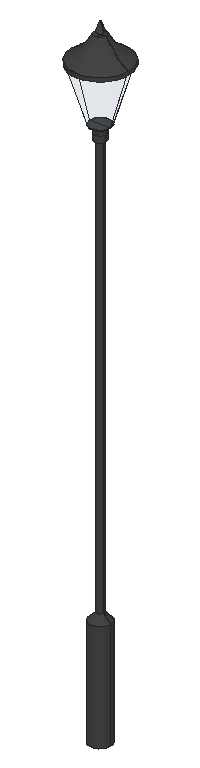
Revit family
Parameters
  Wattage = 250 W
  built-in parameter 1150110 = 1 (stored number, unit not read)
  built-in parameter 1114217 = 1 (stored number, unit not read)
  built-in parameter 1150109 = 1 (stored number, unit not read)
  built-in parameter 1150134 = 3
  built-in parameter 1150113 = 1 (stored number, unit not read)
  Material Post = Metal - Black
  built-in parameter 1150105 = 358.1 (stored number, unit not read)
  Lumens = 4500 lm
  built-in parameter 1150115 = 1 (stored number, unit not read)
  Light Source Height = 0.5 * Lamp height  # 150 mm
  Light Source Symbol Size = 609.6 mm
  built-in parameter 1150137 = (empty or 0)
  built-in parameter 1150139 = (empty or 0)
  Lamp height = 300 mm
  Material Lamp Glazing = Glass - Blue Frosted
  built-in parameter 1150112 = 1 (stored number, unit not read)
  built-in parameter 1150114 = 1 (stored number, unit not read)
  built-in parameter 1150132 = (empty or 0)
  built-in parameter 1150102 = (empty or 0)
  built-in parameter 1150107 = 3200 (stored number, unit not read)
  built-in parameter 1150138 = (empty or 0)
  built-in parameter 1150106 = 3.581 (stored number, unit not read)
  Fixture Height = 3100 mm
  built-in parameter 1150104 = 1.6723 (stored number, unit not read)
  Dimming Lamp Color Temperature Shift = (empty or 0)
  Color Filter = 16777215
  Base Height = 600 mm
  built-in parameter 1114218 = 1 (stored number, unit not read)
  built-in parameter 1150133 = 10 (stored number, unit not read)
Reference planes
  plane 1 "Light Source Axis (F/B)": y = 0
  plane 2: z = 0
  plane 3 "Light Source Axis (L/R)": x = 0
  plane 4 "Fixture Top": z = 3100
  plane 5: z = 600
  plane 6 "Light Source Elevation": z = 3250
Forms (mm)
  Revolve 1, solid, material "Metal - Black" <- "Material Post"
    sketch origin (0, 0, 0) x (1, 0, 0) y (0, 0, 1)
      loop
        line (0, 0) -> (0, 3052.439) -> (-56.42, 3052.439)
        arc (-56.42, 3052.439) -> (-37.836, 3037.521) -> (-32.574, 3014.277) r 36.153
        line (-32.574, 3014.277) -> (-32.574, 2979.277) -> (-17.574, 2979.277) -> (-17.574, 642.426) -> (-60, 600) -> (-60, 0) -> (0, 0)
      loop
        line (0, 3352.439) -> (0, 3566.623) -> (-19.658, 3512.614) -> (-7.574, 3512.614) -> (-7.574, 3500) -> (-32.574, 3500)
        arc (-32.574, 3500) -> (-85.682, 3425.626) -> (-160, 3372.439) r 278.583
        line (-160, 3372.439) -> (-160, 3352.439) -> (0, 3352.439)
      axis (0, 0) -> (0, 3566.623)
    angle from 0 to 360
  Revolve 2, solid, material "Glass - Blue Frosted" <- "Material Lamp Glazing"
    sketch origin (0, 0, 0) x (1, 0, 0) y (0, 0, 1)
      loop
        line (0, 3100) -> (0, 3352.439) -> (-150, 3352.439) -> (-56.42, 3052.439) -> (0, 3052.439) -> (0, 3100)
      axis (0, 3052.439) -> (0, 3352.439)
    angle from 0 to 360
Lines and regions (mm)
  Masking region 1
    outline origin (0, 0, 0) x (1, 0, 0) y (0, 1, 0)
      loop
        circle (0, 0) r 160
  symbolic lines
    curve 1: circle (0, 0, 0) r 160 normal (0, 0, 1)
    curve 2: circle (0, 0, 0) r 19.658 normal (0, 0, 1)
Dimensions and locks
  "Lamp height": Revolve 2 sketch curve to Revolve 2 sketch curve
  Revolve 1 to Revolve 2 sketch curve = 0 mm
  Revolve 2 sketch curve to Revolve 1 = 0 mm
  "Lamp height": Revolve 1 sketch curve to Revolve 1 sketch curve
  locked: Revolve 1 sketch curve to Revolve 1 sketch curve at 147.561
  "Base Height": plane 5 to plane 2
  "Fixture Height": plane 4 "Fixture Top" to plane 2
  "Light Source Height": plane 6 "Light Source Elevation" to plane 4 "Fixture Top"
  aligned and locked: plane 5 to Revolve 1 sketch curve
  aligned and locked: plane 3 "Light Source Axis (L/R)" to imposter light
  aligned and locked: imposter light to plane 1 "Light Source Axis (F/B)"
  aligned and locked: plane 6 "Light Source Elevation" to imposter light
  aligned and locked: curve 1 to Revolve 1
Automatic sketch dimensions
  Revolve 2 sketch curve to plane 3 "Light Source Axis (L/R)" = 0 mm  (x2)
  Revolve 2 sketch curve to plane 4 "Fixture Top" = 0 mm
  Revolve 2 sketch curve to Revolve 2 sketch curve = 56.42 mm
  Revolve 2 sketch curve to plane 3 "Light Source Axis (L/R)" = 150 mm
  Revolve 2 sketch curve to level = 271.696 mm
  Revolve 2 sketch curve to Revolve 2 sketch curve = 1104.865 mm
  Revolve 1 sketch curve to level = 0 mm
  Revolve 1 sketch curve to plane 3 "Light Source Axis (L/R)" = 0 mm  (x3)
  Revolve 1 sketch curve to plane 3 "Light Source Axis (L/R)" = 7.574 mm
  Revolve 1 sketch curve to plane 3 "Light Source Axis (L/R)" = 17.574 mm
  Revolve 1 sketch curve to Revolve 1 sketch curve = 12.084 mm
  Revolve 1 sketch curve to Revolve 1 sketch curve = 15 mm
  Revolve 1 sketch curve to Revolve 1 sketch curve = 12.916 mm
  Revolve 1 sketch curve to Revolve 1 sketch curve = 23.846 mm
  Revolve 1 sketch curve to Revolve 1 sketch curve = 60 mm
  Revolve 1 sketch curve to Revolve 1 sketch curve = 35.922 mm
  Revolve 1 sketch curve to plane 3 "Light Source Axis (L/R)" = 160 mm
  Revolve 1 sketch curve to Revolve 1 sketch curve = 122.773 mm
  Revolve 1 sketch curve to Revolve 1 sketch curve = 271.696 mm
  Revolve 1 sketch curve to plane 5 = 42.426 mm
  Revolve 1 sketch curve to Revolve 1 sketch curve = 73.162 mm
  Revolve 1 sketch curve to Revolve 1 sketch curve = 35 mm
  Revolve 1 sketch curve to Revolve 1 sketch curve = 20 mm
  Revolve 1 sketch curve to Revolve 1 sketch curve = 12.614 mm
  Revolve 1 sketch curve to Revolve 1 sketch curve = 54.009 mm
  Revolve 1 sketch curve to Revolve 1 sketch curve = 698.666 mm
  plane 4 "Fixture Top" to Revolve 1 sketch curve = 120.723 mm
  curve 1 to curve 2 = 0 mm  (x2)
  Masking region 1 sketch curve to plane 1 "Light Source Axis (F/B)" = 0 mm
  Masking region 1 sketch curve to plane 3 "Light Source Axis (L/R)" = 0 mm
  radius of curve 2 = 19.658 mm
  radius of Masking region 1 sketch curve = 160 mm
